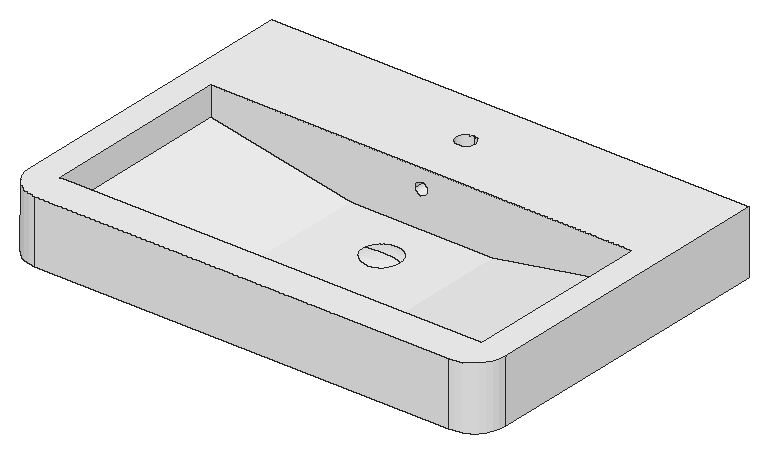
Revit family "Plum Fix_Sink_Argent_Zen Wall basin 1th 600x425mm", category Plumbing Fixtures, Revit 2016
Family settings
  Part Type = Normal
  Round Connector Dimension = Use Diameter
  OmniClass Number = 23.45.05.14.14
  OmniClass Title = Sinks/Lavatories
  Work Plane-Based = No
  Always vertical = Yes
  Cut with Voids When Loaded = Yes
  Shared = No
  Room Calculation Point = No
Parameters (values of type "1 Tap Hole")
  Waste Connection = yes
  WFU = 0
  Vent Connection = no
  URL = "https://www.argentaust.com.au/"
  Type Comments = "1 Tap Hole"
  ModifiedIssue_ANZRS = 20190503
  Model = "FC15LVB01"
  Manufacturer_URL__Product Specific = "https://www.argentaust.com.au/argent-basins-wall-mounted-zen-600-wall-basin?item=8528"
  Manufacturer_Spec Code = Model  # "FC15LVB01"
  Manufacturer_Overall Width = 605 mm  # constant formula
  Manufacturer_Overall Height = 150 mm  # constant formula
  Manufacturer_Overall Depth = 425 mm  # constant formula
  Manufacturer_Height From FFL [instance] = 900 mm
  Manufacturer = "Argent"  # constant formula
  Keynote = ""
  HWFU = 0
  HW Connection = no
  CreatedBy_ANZRS = "IGS BIM Solutions"  # constant formula
  CreatedByURL_ANZRS = "http://www.igsgroup.com.au"
  Description = "Zen Wall Basin 1 Tap Hole"
  Cost = 0
  CWFU = 0
  CW Connection = no
  Body Material = z_Argent_Ceramic White
  Assembly Code = ""
Reference planes
  plane 1 "Center (Front/Back)": y = -120
  plane 2 "Ref. Level": z = 0
  plane 3 "Front": y = -332.5
  plane 4 "Back": y = 92.5
  plane 5 "Center of Basin": x = -4.48
  plane 6 "Left": x = -306.98
  plane 7 "Right": x = 298.02
  plane 8 "Bottom Offset": z = 750
  plane 9 "Top": z = 900
  plane 10 "Mixer Centre": y = 22.5
  plane 11 "Pop Up Ref": z = 822
  plane 12 "Bottom": z = 703
Forms (mm)
  Sweep 1, solid, material "z_Argent_Ceramic White" <- "Body Material"
    path origin (0, 0, 456) x (0, -1, 0) y (1, 0, 0)
      loop
        line (-92.5, -306.98) -> (292.5, -306.98)
        arc (292.5, -306.98) -> (320.784, -295.264) -> (332.5, -266.98) r 40
        line (332.5, -266.98) -> (332.5, 258.02)
        arc (332.5, 258.02) -> (320.784, 286.304) -> (292.5, 298.02) r 40
        line (292.5, 298.02) -> (-92.5, 298.02)
    profile origin (-306.98, -100, 456) x (1, 0, 0) y (0, 0, 1)
      loop
        line (0, 364) -> (35, 364) -> (35, 444) -> (0, 444) -> (0, 364)
  Extrusion 2, solid, material "z_Argent_Ceramic White" <- "Body Material"
    sketch origin (-4.48, 0, 0) x (0, 1, 0) y (0, 0, 1)
      loop
        line (57.5, 824.879) -> (57.5, 900) -> (-297.5, 900)
        arc (-297.5, 900) -> (-295.737, 859.514) -> (-286.745, 820) r 225.164
        arc (-286.745, 820) -> (-201.894, 762.355) -> (-99.871, 751.674) r 210.432
        arc (-99.871, 751.674) -> (-80.568, 757.971) -> (-64.553, 770.453) r 58.845
        arc (-64.553, 770.453) -> (-58.103, 779.047) -> (-53.322, 788.671) r 58.845
        arc (-53.322, 788.671) -> (-48.877, 806.502) -> (-48.993, 824.879) r 73.525
        line (-48.993, 824.879) -> (57.5, 824.879)
    from -267.5 to 267.5
  Extrusion 3, void
    sketch origin (0, -120, 0) x (1, 0, 0) y (0, 0, 1)
      loop
        line (263.02, 900) -> (-271.98, 900) -> (-271.98, 863.719)
        arc (-271.98, 863.719) -> (-4.654, 825.174) -> (263.02, 861.217) r 978.02
        line (263.02, 861.217) -> (263.02, 900)
    from -72.5 to 166.745
  Extrusion 4, solid, material "z_Argent_Ceramic White" <- "Body Material"
    sketch origin (-684.381, 92.5, 4000) x (-1, 0, 0) y (0, 0, -1)
      loop
        line (-947.401, 3100) -> (-412.401, 3100) -> (-412.401, 3180) -> (-438.438, 3180)
        arc (-438.438, 3180) -> (-441.848, 3181.343) -> (-443.426, 3184.651) r 5
        line (-443.426, 3184.651) -> (-444.275, 3196.789)
        arc (-444.275, 3196.789) -> (-445.852, 3200.097) -> (-449.262, 3201.441) r 5
        line (-449.262, 3201.441) -> (-487.651, 3201.441)
        arc (-487.651, 3201.441) -> (-490.931, 3200.214) -> (-492.602, 3197.136) r 5
        line (-492.602, 3197.136) -> (-495.091, 3179.425)
        arc (-495.091, 3179.425) -> (-496.762, 3176.348) -> (-500.043, 3175.121) r 5
        line (-500.043, 3175.121) -> (-859.76, 3175.121)
        arc (-859.76, 3175.121) -> (-863.04, 3176.348) -> (-864.711, 3179.425) r 5
        line (-864.711, 3179.425) -> (-867.201, 3197.136)
        arc (-867.201, 3197.136) -> (-868.872, 3200.214) -> (-872.152, 3201.441) r 5
        line (-872.152, 3201.441) -> (-910.54, 3201.441)
        arc (-910.54, 3201.441) -> (-913.95, 3200.097) -> (-915.528, 3196.789) r 5
        line (-915.528, 3196.789) -> (-916.377, 3184.651)
        arc (-916.377, 3184.651) -> (-917.955, 3181.343) -> (-921.365, 3180) r 5
        line (-921.365, 3180) -> (-947.401, 3180) -> (-947.401, 3100)
    from 0 to 35
  Extrusion 5, void
    sketch origin (-684.381, 92.5, 4000) x (-1, 0, 0) y (0, 0, -1)
      loop
        line (-834.901, 3175.121) -> (-834.901, 3155.121)
        arc (-834.901, 3155.121) -> (-819.901, 3145.844) -> (-804.901, 3155.121) r 16.766
        line (-804.901, 3155.121) -> (-804.901, 3175.121) -> (-834.901, 3175.121)
      loop
        line (-524.901, 3175.121) -> (-554.901, 3175.121) -> (-554.901, 3155.121)
        arc (-554.901, 3155.121) -> (-539.901, 3145.844) -> (-524.901, 3155.121) r 16.766
        line (-524.901, 3155.121) -> (-524.901, 3175.121)
    from 0 to 30
  Extrusion 6, void
    sketch origin (0, -47.5, 0) x (1, 0, 0) y (0, 0, 1)
      loop
        circle (-4.48, 875.945) r 7.812
    from -28.692 to 0
  Extrusion 7, void
    sketch origin (-4.48, 65.5, 900) x (0, -1, 0) y (1, 0, 0)
      loop
        circle (178, 0) r 20
    from 0 to -254.879
  Extrusion 8, void
    sketch origin (-4.48, 57.5, 900) x (0, -1, 0) y (1, 0, 0)
      loop
        circle (35, 0) r 12
    from 0 to -80
  Revolve 9, solid, material "z_Argent_Ceramic White" <- "Body Material"
    sketch origin (-4.48, 0, 0) x (0, 1, 0) y (0, 0, 1)
      loop
        line (-112.5, 756.25) -> (-112.5, 755.25) -> (-88.5, 755.25) -> (-88.5, 745) -> (-96.5, 745) -> (-96.5, 744) -> (-87.5, 744) -> (-87.5, 756.25) -> (-112.5, 756.25)
      axis (-112.5, 744) -> (-112.5, 756.25)
    angle from 0 to 360
  Extrusion 10, void
    sketch origin (0, -332.5, 0) x (-1, 0, 0) y (0, 0, -1)
      loop
        line (29.48, -744) -> (29.48, -764)
        arc (29.48, -764) -> (154.218, -776.894) -> (271.98, -820) r 507.186
        line (271.98, -820) -> (306.98, -820) -> (306.98, -725) -> (-298.02, -725) -> (-298.02, -820) -> (-263.02, -820)
        arc (-263.02, -820) -> (-145.258, -776.894) -> (-20.52, -764) r 507.186
        line (-20.52, -764) -> (-20.52, -744) -> (29.48, -744)
    from -339.611 to 18.586
  Extrusion 11, void
    sketch origin (0, 0, 900) x (0, -1, 0) y (1, 0, 0)
      loop
        line (206.244, -29.48) -> (206.244, 20.52) -> (112.5, 20.52) -> (71.405, 20.52) -> (71.405, -29.48) -> (112.5, -29.48) -> (206.244, -29.48)
      loop
        circle (112.5, -4.48) r 24
    from -164.2 to -136
Cuts and joins
  Extrusion 7 cuts Sweep 1
  Extrusion 3, Extrusion 6, Extrusion 7, Extrusion 8, Extrusion 10, Extrusion 11 cuts Extrusion 2
  Extrusion 5, Extrusion 7 cuts Extrusion 4
  joined: Sweep 1, Extrusion 2, Extrusion 4
Lines and regions (mm)
  Masking region 1
    outline origin (0, 0, 900) x (0, -1, 0) y (1, 0, 0)
      loop
        line (-92.5, -306.98) -> (292.5, -306.98)
        arc (292.5, -306.98) -> (320.784, -295.264) -> (332.5, -266.98) r 40
        line (332.5, -266.98) -> (332.5, 258.02)
        arc (332.5, 258.02) -> (320.784, 286.304) -> (292.5, 298.02) r 40
        line (292.5, 298.02) -> (-92.5, 298.02) -> (-92.5, -306.98)
  Masking region 2
    outline origin (0, -332.5, 0) x (-1, 0, 0) y (0, 0, 1)
      loop
        line (306.98, 900) -> (-298.02, 900) -> (-298.02, 820) -> (-263.02, 820)
        arc (-263.02, 820) -> (-145.256, 776.897) -> (-20.52, 763.978) r 507.648
        line (-20.52, 763.978) -> (-20.52, 744) -> (29.48, 744) -> (29.48, 763.978)
        arc (29.48, 763.978) -> (154.216, 776.897) -> (271.98, 820) r 507.648
        line (271.98, 820) -> (306.98, 820) -> (306.98, 900)
  Masking region 3
    outline origin (298.02, 0, 0) x (0, 1, 0) y (0, 0, 1)
      loop
        line (92.5, 900) -> (-332.5, 900) -> (-332.5, 820) -> (-286.745, 820)
        arc (-286.745, 820) -> (-219.298, 769.618) -> (-137.5, 749.706) r 210.432
        line (-137.5, 749.706) -> (-137.5, 744) -> (-87.5, 744) -> (-87.5, 754.841)
        arc (-87.5, 754.841) -> (-75.093, 761.275) -> (-64.553, 770.453) r 58.845
        arc (-64.553, 770.453) -> (-58.103, 779.047) -> (-53.322, 788.671) r 58.845
        arc (-53.322, 788.671) -> (-49.209, 804.073) -> (-48.512, 820) r 73.525
        line (-48.512, 820) -> (57.5, 820) -> (57.5, 798.559) -> (92.5, 798.559) -> (92.5, 900)
  symbolic lines, style "Sinks/Lavatories", detail levels medium+fine
    curve 1: line (-271.98, -292.5, 900) -> (-271.98, -48.993, 900)
    curve 2: line (263.02, -48.993, 900) -> (263.02, -292.5, 900)
    curve 3: line (258.02, -297.5, 900) -> (-266.98, -297.5, 900)
    curve 4: arc (-271.98, -292.5, 900) -> (-270.516, -296.036, 900) -> (-266.98, -297.5, 900) r 5
    curve 5: arc (258.02, -297.5, 900) -> (261.556, -296.036, 900) -> (263.02, -292.5, 900) r 5
    curve 8: circle (-4.48, -112.5, 900) r 31.647 normal (0, 0, 1)
    curve 12: arc (298.02, -137.5, 749.706) -> (298.02, -112.333, 750.65) -> (298.02, -87.5, 754.841) r 194.299
    curve 13: line (-29.48, -332.5, 750) -> (20.52, -332.5, 750)
    curve 14: line (-271.98, -48.993, 900) -> (263.02, -48.993, 900)
  symbolic lines, style "Sinks/Lavatories", detail levels fine
    curve 6: arc (-4.48, 34.5, 900) -> (-16.48, 22.5, 900) -> (-4.48, 10.5, 900) r 12
    curve 7: arc (-4.48, 10.5, 900) -> (7.52, 22.5, 900) -> (-4.48, 34.5, 900) r 12
    curve 9: line (298.02, -332.5, 820) -> (-306.98, -332.5, 820)
    curve 10: line (298.02, -48.512, 820) -> (298.02, -286.745, 820)
    curve 11: line (298.02, 57.5, 820) -> (298.02, 92.5, 820)
  symbolic lines, style "Sinks/Lavatories"
    curve 15: line (-29.48, -332.5, 764) -> (20.52, -332.5, 764)
Text (mm)
  text "Disclaimer:\n\nDue to ongoing product development and manufacturing evolution, product details are subject to change without notice. Please refer to product technical data sheets on the manufacturer’s website for the most current product information. Please allow a +/- 5mm manufacturing tolerance for dimensions and set-outs shown in product literature." at (512.294, 49.919, 0), in view "Ref. Level_Instruction"
Dimensions and locks
  equal spacing: plane 3 "Front", plane 1 "Center (Front/Back)", plane 4 "Back"
  equal spacing: plane 6 "Left", plane 5 "Center of Basin", plane 7 "Right"
  "Manufacturer_Overall Depth": plane 3 "Front" to plane 4 "Back"
  "Manufacturer_Overall Width": plane 6 "Left" to plane 7 "Right"
  "Manufacturer_Overall Height": plane 9 "Top" to plane 8 "Bottom Offset"
  plane 10 "Mixer Centre" to plane 4 "Back" = 70 mm
  "Manufacturer_Height From FFL": plane 9 "Top" to plane 2 "Ref. Level"
  locked: plane 9 "Top" to plane 11 "Pop Up Ref" at 78
  locked: plane 12 "Bottom" to plane 8 "Bottom Offset" at 47
  aligned and locked: Sweep 1 sketch curve to plane 6 "Left"
  aligned and locked: plane 7 "Right" to Sweep 1 sketch curve
  aligned and locked: plane 3 "Front" to Sweep 1 sketch curve
  aligned and locked: plane 9 "Top" to Sweep 1 sketch curve
  aligned and locked: plane 9 "Top" to Extrusion 2 sketch curve
  aligned and locked: Extrusion 3 sketch curve to Extrusion 2
  aligned and locked: cut or joined group 1 (Sweep 1, Extrusion 2, Extrusion 3, Extrusion 4, Extrusion 5, Extrusion 6, Extrusion 7, Extrusion 8, Extrusion 10, Extrusion 11) to Extrusion 4 sketch curve
  aligned and locked: Masking region 1 sketch curve to cut or joined group 1  (x4)
  aligned and locked: Masking region 2 sketch curve to plane 6 "Left"
  aligned and locked: Masking region 2 sketch curve to cut or joined group 1  (x2)
  aligned and locked: plane 7 "Right" to Masking region 2 sketch curve
  aligned and locked: Masking region 3 sketch curve to cut or joined group 1  (x4)
  aligned and locked: Masking region 3 sketch curve to plane 3 "Front"
  aligned and locked: cut or joined group 1 to curve 2
  aligned and locked: curve 4 to cut or joined group 1
  aligned and locked: curve 5 to cut or joined group 1
  aligned and locked: curve 6 to cut or joined group 1
  aligned and locked: curve 7 to cut or joined group 1
  aligned and locked: curve 9 to cut or joined group 1
  aligned and locked: Extrusion 11 to cut or joined group 1
  aligned and locked: plane 5 "Center of Basin" to nested 1
  aligned and locked: plane 12 "Bottom" to nested 1
  aligned and locked: plane 6 "Left" to curve 9
Automatic sketch dimensions
  plane 7 "Right" to curve 9 = 0 mm
  curve 13 to plane 8 "Bottom Offset" = 0 mm
  curve 13 to plane 5 "Center of Basin" = 25 mm
  curve 13 to curve 15 = 0 mm
  plane 5 "Center of Basin" to curve 15 = 25 mm
  curve 15 to curve 13 = 0 mm
  curve 15 to plane 8 "Bottom Offset" = 14 mm
  curve 8 to plane 5 "Center of Basin" = 0 mm
  curve 14 to plane 1 "Center (Front/Back)" = 71.007 mm
  curve 8 to plane 1 "Center (Front/Back)" = 7.5 mm
  plane 4 "Back" to Sweep 1 sketch curve = 0 mm  (x2)
  Sweep 1 sketch curve to plane 3 "Front" = 40 mm  (x2)
  profile plane to Sweep 1 sketch curve = 0 mm
  Sweep 1 sketch curve to profile plane = 35 mm
  Sweep 1 sketch curve to Sweep 1 sketch curve = 80 mm
  Extrusion 2 sketch curve to Extrusion 2 sketch curve = 0 mm  (x3)
  Extrusion 2 sketch curve to plane 3 "Front" = 35 mm
  plane 1 "Center (Front/Back)" to Extrusion 2 sketch curve = 9.633 mm
  plane 1 "Center (Front/Back)" to Extrusion 2 sketch curve = 1.883 mm
  Extrusion 2 sketch curve to plane 1 "Center (Front/Back)" = 11.806 mm
  Extrusion 2 sketch curve to plane 9 "Top" = 10.485 mm
  Extrusion 2 sketch curve to plane 1 "Center (Front/Back)" = 47.419 mm
  plane 11 "Pop Up Ref" to Extrusion 2 sketch curve = 2.879 mm
  Extrusion 2 sketch curve to Extrusion 2 sketch curve = 59.201 mm
  plane 4 "Back" to Extrusion 2 sketch curve = 35 mm
  Extrusion 2 sketch curve to plane 11 "Pop Up Ref" = 6.769 mm
  Extrusion 2 sketch curve to plane 11 "Pop Up Ref" = 12.072 mm
  plane 9 "Top" to Extrusion 2 sketch curve = 59.991 mm
  Extrusion 2 sketch curve to plane 11 "Pop Up Ref" = 2 mm
  plane 8 "Bottom Offset" to Extrusion 2 sketch curve = 20.453 mm
  plane 6 "Left" to Extrusion 3 sketch curve = 35 mm
  plane 5 "Center of Basin" to Extrusion 3 sketch curve = 4.399 mm
  plane 7 "Right" to Extrusion 3 sketch curve = 35 mm
  Extrusion 3 sketch curve to plane 9 "Top" = 36.281 mm
  Extrusion 3 sketch curve to Extrusion 3 sketch curve = 38.783 mm
  Extrusion 4 sketch curve to plane 7 "Right" = 35 mm
  plane 11 "Pop Up Ref" to Extrusion 4 sketch curve = 2 mm
  Extrusion 4 sketch curve to Extrusion 4 sketch curve = 26.037 mm
  plane 11 "Pop Up Ref" to Extrusion 4 sketch curve = 6.651 mm  (x2)
  Extrusion 4 sketch curve to Extrusion 4 sketch curve = 4.988 mm  (x4)
  plane 11 "Pop Up Ref" to Extrusion 4 sketch curve = 18.789 mm  (x2)
  Extrusion 4 sketch curve to Extrusion 4 sketch curve = 0.849 mm  (x2)
  Extrusion 4 sketch curve to Extrusion 4 sketch curve = 38.388 mm  (x2)
  plane 11 "Pop Up Ref" to Extrusion 4 sketch curve = 19.136 mm  (x2)
  Extrusion 4 sketch curve to Extrusion 4 sketch curve = 4.951 mm  (x4)
  plane 11 "Pop Up Ref" to Extrusion 4 sketch curve = 1.425 mm  (x2)
  Extrusion 4 sketch curve to Extrusion 4 sketch curve = 2.489 mm  (x2)
  Extrusion 4 sketch curve to plane 11 "Pop Up Ref" = 2.879 mm
  Extrusion 4 sketch curve to plane 6 "Left" = 122.641 mm
  Extrusion 4 sketch curve to plane 6 "Left" = 35 mm
  Extrusion 4 sketch curve to Extrusion 4 sketch curve = 4.651 mm  (x2)
  Extrusion 4 sketch curve to Extrusion 4 sketch curve = 0.349 mm
  Extrusion 5 sketch curve to Extrusion 4 = 0 mm  (x2)
  Extrusion 5 sketch curve to Extrusion 4 = 20 mm
  Extrusion 5 sketch curve to Extrusion 4 = 112.5 mm
  Extrusion 5 sketch curve to Extrusion 5 sketch curve = 15 mm  (x4)
  Extrusion 5 sketch curve to Extrusion 4 = 142.5 mm
  Extrusion 5 sketch curve to Extrusion 4 = 12.511 mm  (x2)
  Extrusion 5 sketch curve to Extrusion 5 sketch curve = 7.489 mm
  Extrusion 6 sketch curve to Extrusion 3 = 24.055 mm
  Extrusion 6 sketch curve to Extrusion 3 = 267.5 mm
  Extrusion 7 sketch curve to Extrusion 2 = 170 mm
  Extrusion 2 to Extrusion 7 sketch curve = 267.5 mm
  Extrusion 8 sketch curve to Extrusion 2 = 35 mm
  Extrusion 2 to Extrusion 8 sketch curve = 267.5 mm
  Masking region 2 sketch curve to Masking region 2 sketch curve = 35 mm  (x2)
  plane 8 "Bottom Offset" to Masking region 2 sketch curve = 13.978 mm  (x2)
  Masking region 2 sketch curve to plane 8 "Bottom Offset" = 6 mm
  Masking region 2 sketch curve to plane 5 "Center of Basin" = 25 mm
  Masking region 3 sketch curve to Masking region 3 sketch curve = 0 mm  (x2)
  Masking region 3 sketch curve to plane 8 "Bottom Offset" = 0.294 mm
  plane 1 "Center (Front/Back)" to Masking region 3 sketch curve = 1.883 mm
  Masking region 3 sketch curve to plane 1 "Center (Front/Back)" = 11.806 mm
  Masking region 3 sketch curve to plane 8 "Bottom Offset" = 6 mm
  Masking region 3 sketch curve to plane 1 "Center (Front/Back)" = 32.5 mm
  Masking region 3 sketch curve to plane 11 "Pop Up Ref" = 2 mm
  Masking region 3 sketch curve to Masking region 3 sketch curve = 59.682 mm
  plane 4 "Back" to Masking region 3 sketch curve = 35 mm
  plane 8 "Bottom Offset" to Masking region 3 sketch curve = 4.841 mm
  Masking region 3 sketch curve to plane 11 "Pop Up Ref" = 23.441 mm
  Masking region 3 sketch curve to plane 11 "Pop Up Ref" = 12.072 mm
  Masking region 3 sketch curve to plane 11 "Pop Up Ref" = 6.769 mm
  plane 8 "Bottom Offset" to Masking region 3 sketch curve = 20.453 mm
  Revolve 9 sketch curve to plane 8 "Bottom Offset" = 0 mm
  Revolve 9 sketch curve to plane 1 "Center (Front/Back)" = 7.5 mm  (x2)
  Revolve 9 sketch curve to plane 8 "Bottom Offset" = 6 mm
  Revolve 9 sketch curve to Revolve 9 sketch curve = 16 mm
  Revolve 9 sketch curve to Revolve 9 sketch curve = 8 mm
  Revolve 9 sketch curve to Revolve 9 sketch curve = 1 mm  (x3)
  plane 8 "Bottom Offset" to Revolve 9 sketch curve = 5.25 mm
  Revolve 9 sketch curve to Revolve 9 sketch curve = 13.75 mm
  curve 11 to plane 4 "Back" = 0 mm
  curve 12 to plane 1 "Center (Front/Back)" = 12.185 mm
  curve 12 to plane 9 "Top" = 43.932 mm
  plane 11 "Pop Up Ref" to curve 11 = 2 mm
  curve 11 to curve 11 = 35 mm
  plane 11 "Pop Up Ref" to curve 10 = 2 mm
  curve 10 to plane 10 "Mixer Centre" = 71.012 mm
  curve 12 to plane 8 "Bottom Offset" = 4.841 mm
  plane 1 "Center (Front/Back)" to curve 12 = 32.5 mm
  plane 8 "Bottom Offset" to curve 12 = 0.294 mm
  plane 3 "Front" to curve 10 = 45.755 mm
  plane 7 "Right" to Extrusion 10 sketch curve = 0 mm
  Extrusion 10 sketch curve to plane 6 "Left" = 0 mm
  plane 11 "Pop Up Ref" to Extrusion 10 sketch curve = 2 mm  (x2)
  Extrusion 10 sketch curve to Extrusion 10 sketch curve = 35 mm  (x2)
  Extrusion 10 sketch curve to plane 5 "Center of Basin" = 35.618 mm
  plane 8 "Bottom Offset" to Extrusion 10 sketch curve = 6 mm
  Extrusion 10 sketch curve to plane 5 "Center of Basin" = 25 mm
  plane 5 "Center of Basin" to Extrusion 10 sketch curve = 25 mm
  plane 5 "Center of Basin" to Extrusion 10 sketch curve = 35.618 mm
  plane 8 "Bottom Offset" to Extrusion 10 sketch curve = 25 mm
  Extrusion 10 sketch curve to Extrusion 10 sketch curve = 20 mm  (x2)
  Extrusion 11 sketch curve to plane 5 "Center of Basin" = 0 mm
  Extrusion 11 sketch curve to plane 1 "Center (Front/Back)" = 48.595 mm
  Extrusion 11 sketch curve to plane 1 "Center (Front/Back)" = 7.5 mm  (x3)
  Extrusion 11 sketch curve to plane 5 "Center of Basin" = 25 mm
  plane 1 "Center (Front/Back)" to Extrusion 11 sketch curve = 86.244 mm
  Extrusion 11 sketch curve to Extrusion 11 sketch curve = 25 mm
  plane 5 "Center of Basin" to Masking region 2 sketch curve = 25 mm
  Masking region 2 sketch curve to plane 11 "Pop Up Ref" = 2 mm
  Masking region 2 sketch curve to plane 5 "Center of Basin" = 35.471 mm
  Masking region 2 sketch curve to Masking region 2 sketch curve = 0 mm
  plane 11 "Pop Up Ref" to curve 9 = 2 mm
  radius of curve 8 = 31.647 mm
  radius of Extrusion 6 sketch curve = 7.812 mm
  radius of Extrusion 7 sketch curve = 20 mm
  radius of Extrusion 8 sketch curve = 12 mm
  radius of Extrusion 11 sketch curve = 24 mm
Nested families
  nested 1: "z.PlumFix_Waste_32mm Pop-up" at (0, -173.25, 826), type "Chrome"
    with Manufacturer_Height From FFL 0 mm
Connectors
  piping at (-4.48, -112.5, 745), diameter 50, driven by "Waste Connection"
    settings: on Revolve 9, index 1, connector inside diameter 609.6 mm, connector length 0 mm, flow factor 0, pipe flow 0.000 L/s, pressure drop 0.0 Pa, fitting loss kfactor 0, connector angle 0.00°, fixture units 0, engagement length 0 mm, angle of deflection 0.00°, flow configuration 2, flow direction 2, fitting loss method 4, system type 16, joint type 0, gender type 0, connector reference index -1, connector utility 1, adjustable connector no, is connector primary yes, connector description "Waste Outlet"
Definition of nested family "z.PlumFix_Waste_32mm Pop-up"
  Parameters (values of type "Chrome")
    Waste Connection = yes
    WFU = 0
    Vent Connection = no
    URL = "https://www.argentaust.com.au/"
    Type Comments = ""
    ModifiedIssue_ANZRS = 20180826
    Model = ""
    Manufacturer_Overall Width = 63.5 mm  # constant formula
    Manufacturer_Overall Height = 130 mm  # constant formula
    Manufacturer_Overall Depth = 63.5 mm  # constant formula
    Manufacturer_Height From FFL [instance] = 0 mm
    Manufacturer = "Argent"  # constant formula
    Keynote = ""
    HWFU = 0
    HW Connection = no
    CreatedBy_ANZRS = "IGS BIM Solutions"  # constant formula
    CreatedByURL_ANZRS = "https://www.igsgroup.com.au"
    Description = ""
    Cost = 0
    CWFU = 0
    CW Connection = yes
    Body Material = none
    Assembly Code = ""
  Reference planes
    plane 1 "Center (Front/Back)": y = 60.75
    plane 2 "Ref. Level": z = 0
    plane 3 "Front": y = 29
    plane 4 "Back": y = 92.5
    plane 5 "Center (Left/Right)": x = -4.48
    plane 6 "Left": x = -36.23
    plane 7 "Right": x = 27.27
    plane 8 "Top Offset": z = 0
    plane 9 "Top": z = 7
    plane 10 "Bottom": z = -123
    plane 11: y = 60.75
  Forms (mm)
    Revolve 1, solid, material <- "Body Material"
      sketch origin (0, 60.75, 0) x (1, 0, 0) y (0, 0, 1)
        loop
          line (-4.48, -123) -> (-4.48, 7)
          arc (-4.48, 7) -> (-20.634, 5.492) -> (-36.23, 1.02) r 87.27
          line (-36.23, 1.02) -> (-36.23, 0) -> (-20.48, 0) -> (-20.48, -8) -> (-34.48, -8) -> (-34.48, -16) -> (-24.48, -16) -> (-24.48, -23) -> (-34.48, -23) -> (-34.48, -32) -> (-29.48, -32) -> (-29.48, -56.8) -> (-20.48, -56.8) -> (-20.48, -68.8) -> (-7.48, -68.8) -> (-7.48, -123) -> (-4.48, -123)
        axis (-4.48, -123) -> (-4.48, 7)
      angle from 0 to 360
  Lines and regions (mm)
    Masking region 1
      outline origin (0, 0, 7) x (0, -1, 0) y (1, 0, 0)
        loop
          circle (-60.75, -4.48) r 31.75
    Masking region 2
      outline origin (-4.48, 0, 0) x (0, 1, 0) y (0, 0, 1)
        loop
          line (85.75, -56.8) -> (85.75, -32) -> (90.75, -32) -> (90.75, -23) -> (80.75, -23) -> (80.75, -16) -> (90.75, -16) -> (90.75, -8) -> (76.75, -8) -> (76.75, 0) -> (92.5, 0) -> (92.5, 1.02)
          arc (92.5, 1.02) -> (60.75, 7) -> (29, 1.02) r 87.27
          line (29, 1.02) -> (29, 0) -> (44.75, 0) -> (44.75, -8) -> (30.75, -8) -> (30.75, -16) -> (40.75, -16) -> (40.75, -23) -> (30.75, -23) -> (30.75, -32) -> (35.75, -32) -> (35.75, -56.8) -> (44.75, -56.8) -> (44.75, -68.8) -> (57.75, -68.8) -> (57.75, -123) -> (63.75, -123) -> (63.75, -68.8) -> (76.75, -68.8) -> (76.75, -56.8) -> (85.75, -56.8)
    Masking region 3
      outline origin (0, 29, 0) x (-1, 0, 0) y (0, 0, 1)
        loop
          line (20.48, -56.8) -> (29.48, -56.8) -> (29.48, -32) -> (34.48, -32) -> (34.48, -23) -> (24.48, -23) -> (24.48, -16) -> (34.48, -16) -> (34.48, -8) -> (20.48, -8) -> (20.48, 0) -> (36.23, 0) -> (36.23, 1.02)
          arc (36.23, 1.02) -> (4.48, 7) -> (-27.27, 1.02) r 87.27
          line (-27.27, 1.02) -> (-27.27, 0) -> (-11.52, 0) -> (-11.52, -8) -> (-25.52, -8) -> (-25.52, -16) -> (-15.52, -16) -> (-15.52, -23) -> (-25.52, -23) -> (-25.52, -32) -> (-20.52, -32) -> (-20.52, -56.8) -> (-11.52, -56.8) -> (-11.52, -68.8) -> (1.48, -68.8) -> (1.48, -123) -> (7.48, -123) -> (7.48, -68.8) -> (20.48, -68.8) -> (20.48, -56.8)
    symbolic lines, detail levels medium+fine
      curve 1: line (-20.48, 29, -56.8) -> (11.52, 29, -56.8)
      curve 2: line (-29.48, 29, -32) -> (20.52, 29, -32)
      curve 3: line (-24.48, 29, -23) -> (15.52, 29, -23)
      curve 4: line (-24.48, 29, -16) -> (15.52, 29, -16)
      curve 5: line (-20.48, 29, -8) -> (11.52, 29, -8)
      curve 6: line (-7.48, 29, -68.8) -> (-1.48, 29, -68.8)
      curve 7: line (-36.23, 76.75, -8) -> (-36.23, 44.75, -8)
      curve 8: line (-36.23, 80.75, -16) -> (-36.23, 40.75, -16)
      curve 9: line (-36.23, 80.75, -23) -> (-36.23, 40.75, -23)
      curve 10: line (-36.23, 85.75, -32) -> (-36.23, 35.75, -32)
      curve 11: line (-36.23, 76.75, -56.8) -> (-36.23, 44.75, -56.8)
      curve 12: line (-36.23, 63.75, -68.8) -> (-36.23, 57.75, -68.8)
  Text (mm)
    text "Disclaimer:\n\nDue to ongoing product development and manufacturing evolution, product details are subject to change without notice. Please refer to product technical data sheets on the manufacturer’s website for the most current product information. Please allow a +/- 5mm manufacturing tolerance for dimensions and set-outs shown in product literature." at (200.434, 226.107, 0), in view "Ref. Level_Instruction"
  Dimensions and locks
    equal spacing: plane 3 "Front", plane 1 "Center (Front/Back)", plane 4 "Back"
    equal spacing: plane 6 "Left", plane 5 "Center (Left/Right)", plane 7 "Right"
    "Manufacturer_Overall Depth": plane 3 "Front" to plane 4 "Back"
    "Manufacturer_Overall Width": plane 6 "Left" to plane 7 "Right"
    "Manufacturer_Height From FFL": plane 8 "Top Offset" to plane 2 "Ref. Level"
    locked: plane 9 "Top" to plane 8 "Top Offset" at 7
    "Manufacturer_Overall Height": plane 9 "Top" to plane 10 "Bottom"
    aligned and locked: plane 6 "Left" to Revolve 1 sketch curve
  Automatic sketch dimensions
    Masking region 1 sketch curve to Masking region 1 sketch curve = 0 mm  (x2)
    plane 1 "Center (Front/Back)" to Masking region 1 sketch curve = 0 mm
    Masking region 1 sketch curve to plane 6 "Left" = 0 mm
    Masking region 1 sketch curve to plane 5 "Center (Left/Right)" = 0 mm
    curve 6 to plane 5 "Center (Left/Right)" = 3 mm
    plane 5 "Center (Left/Right)" to curve 1 = 16 mm
    curve 5 to plane 6 "Left" = 15.75 mm
    curve 3 to plane 6 "Left" = 11.75 mm
    curve 2 to plane 6 "Left" = 6.75 mm
    plane 8 "Top Offset" to curve 5 = 8 mm
    curve 3 to curve 4 = 7 mm
    curve 1 to curve 2 = 24.8 mm
    plane 1 "Center (Front/Back)" to curve 12 = 3 mm
    curve 11 to plane 1 "Center (Front/Back)" = 16 mm
    plane 4 "Back" to curve 7 = 15.75 mm
    plane 4 "Back" to curve 9 = 11.75 mm
    plane 4 "Back" to curve 10 = 6.75 mm
    curve 7 to plane 8 "Top Offset" = 8 mm
    curve 9 to curve 8 = 7 mm
    curve 11 to curve 10 = 24.8 mm
    Revolve 1 sketch curve to level = 0 mm
    Revolve 1 sketch curve to plane 10 "Bottom" = 0 mm
    Revolve 1 sketch curve to plane 5 "Center (Left/Right)" = 0 mm  (x2)
    Revolve 1 sketch curve to plane 9 "Top" = 0 mm
    plane 6 "Left" to Revolve 1 sketch curve = 1.75 mm  (x2)
    plane 6 "Left" to Revolve 1 sketch curve = 6.75 mm
    Revolve 1 sketch curve to Revolve 1 sketch curve = 10 mm
    Revolve 1 sketch curve to Revolve 1 sketch curve = 9 mm  (x2)
    Revolve 1 sketch curve to Revolve 1 sketch curve = 4 mm
    Revolve 1 sketch curve to Revolve 1 sketch curve = 12 mm
    Revolve 1 sketch curve to Revolve 1 sketch curve = 24.8 mm
    Revolve 1 sketch curve to Revolve 1 sketch curve = 7 mm
    Revolve 1 sketch curve to level = 8 mm
    plane 9 "Top" to Revolve 1 sketch curve = 249.25 mm
    Revolve 1 sketch curve to Revolve 1 sketch curve = 180 mm
    Revolve 1 sketch curve to Revolve 1 sketch curve = 11.47 mm
    Revolve 1 sketch curve to Revolve 1 sketch curve = 3 mm
    Revolve 1 sketch curve to Revolve 1 sketch curve = 42.73 mm
    Masking region 3 sketch curve to level = 0 mm  (x2)
    plane 7 "Right" to Masking region 3 sketch curve = 0 mm
    Masking region 3 sketch curve to plane 10 "Bottom" = 0 mm
    Masking region 3 sketch curve to plane 5 "Center (Left/Right)" = 0 mm
    Masking region 3 sketch curve to plane 6 "Left" = 0 mm
    plane 7 "Right" to Masking region 3 sketch curve = 1.75 mm  (x2)
    Masking region 3 sketch curve to Masking region 3 sketch curve = 5 mm
    Masking region 3 sketch curve to Masking region 3 sketch curve = 10 mm
    Masking region 3 sketch curve to Masking region 3 sketch curve = 4 mm  (x2)
    Masking region 3 sketch curve to Masking region 3 sketch curve = 9 mm  (x3)
    plane 5 "Center (Left/Right)" to Masking region 3 sketch curve = 3 mm
    Masking region 3 sketch curve to plane 5 "Center (Left/Right)" = 3 mm
    Masking region 3 sketch curve to Masking region 3 sketch curve = 15.75 mm
    plane 6 "Left" to Masking region 3 sketch curve = 15.75 mm
    plane 6 "Left" to Masking region 3 sketch curve = 6.75 mm
    plane 6 "Left" to Masking region 3 sketch curve = 1.75 mm  (x2)
    plane 10 "Bottom" to Masking region 3 sketch curve = 42.73 mm
    Masking region 3 sketch curve to Masking region 3 sketch curve = 11.47 mm
    Masking region 3 sketch curve to Masking region 3 sketch curve = 0 mm
    Masking region 3 sketch curve to Masking region 3 sketch curve = 12 mm  (x2)
    Masking region 3 sketch curve to Masking region 3 sketch curve = 24.8 mm  (x2)
    Masking region 3 sketch curve to Masking region 3 sketch curve = 7 mm  (x2)
    Masking region 3 sketch curve to level = 8 mm  (x2)
    Masking region 3 sketch curve to Masking region 3 sketch curve = 1.02 mm
    curve 4 to curve 3 = 0 mm  (x2)
    curve 4 to curve 5 = 4 mm
    Masking region 2 sketch curve to level = 0 mm  (x2)
    Masking region 2 sketch curve to plane 3 "Front" = 0 mm
    Masking region 2 sketch curve to plane 10 "Bottom" = 0 mm
    Masking region 2 sketch curve to plane 1 "Center (Front/Back)" = 0 mm
    Masking region 2 sketch curve to plane 4 "Back" = 0 mm
    Masking region 2 sketch curve to plane 3 "Front" = 1.75 mm  (x2)
    Masking region 2 sketch curve to Masking region 2 sketch curve = 5 mm
    Masking region 2 sketch curve to Masking region 2 sketch curve = 10 mm
    Masking region 2 sketch curve to Masking region 2 sketch curve = 4 mm  (x2)
    Masking region 2 sketch curve to Masking region 2 sketch curve = 9 mm  (x3)
    plane 1 "Center (Front/Back)" to Masking region 2 sketch curve = 3 mm
    Masking region 2 sketch curve to plane 1 "Center (Front/Back)" = 3 mm
    plane 4 "Back" to Masking region 2 sketch curve = 15.75 mm  (x2)
    plane 4 "Back" to Masking region 2 sketch curve = 6.75 mm
    plane 4 "Back" to Masking region 2 sketch curve = 1.75 mm  (x2)
    plane 10 "Bottom" to Masking region 2 sketch curve = 42.73 mm
    Masking region 2 sketch curve to Masking region 2 sketch curve = 11.47 mm
    Masking region 2 sketch curve to Masking region 2 sketch curve = 0 mm
    Masking region 2 sketch curve to Masking region 2 sketch curve = 12 mm  (x2)
    Masking region 2 sketch curve to Masking region 2 sketch curve = 24.8 mm  (x2)
    Masking region 2 sketch curve to Masking region 2 sketch curve = 7 mm  (x2)
    Masking region 2 sketch curve to level = 8 mm  (x2)
    Masking region 2 sketch curve to Masking region 2 sketch curve = 1.02 mm
    curve 12 to plane 1 "Center (Front/Back)" = 3 mm
    curve 8 to curve 9 = 0 mm  (x2)
    curve 8 to curve 7 = 4 mm
    curve 11 to plane 3 "Front" = 15.75 mm
    curve 12 to curve 11 = 12 mm
    curve 8 to curve 7 = 8 mm
    curve 10 to plane 3 "Front" = 6.75 mm
    curve 10 to curve 9 = 5 mm
    curve 10 to curve 9 = 9 mm
    curve 4 to plane 7 "Right" = 11.75 mm
    curve 2 to curve 3 = 9 mm
    curve 2 to plane 7 "Right" = 6.75 mm
    curve 1 to plane 7 "Right" = 15.75 mm
    curve 6 to curve 1 = 12 mm
    plane 5 "Center (Left/Right)" to curve 6 = 3 mm
    curve 4 to curve 5 = 8 mm
